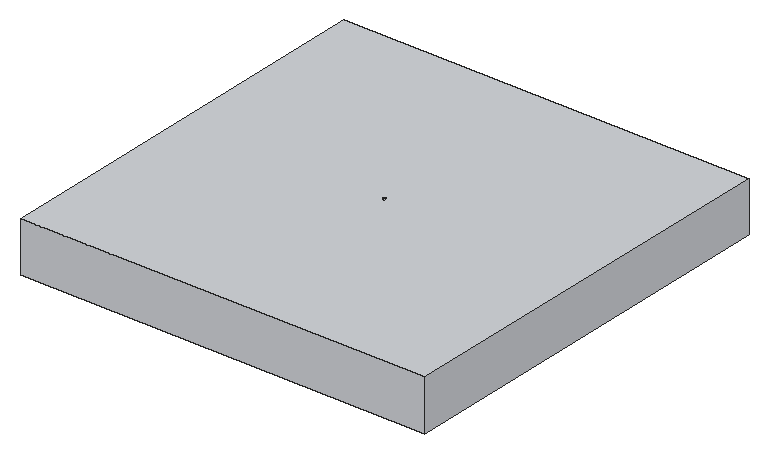
Revit family "CLEVER_GRIFERIA_GRIFO MURAL JARDÍN", category Aparatos sanitarios, Revit 2016
Family settings
  Anfitrión = Cara
  Tipo de pieza = Normal
  Cota de conector redondo = Diámetro de uso
  Número OmniClass = 23.45.05.14.14
  Título OmniClass = Sinks/Lavatories
  Corte con vacíos al cargar = No
  Compartido = No
  Punto de cálculo de habitación = No
Parameters (values of type "Grifos individuales - Grifo mural jardín")
  Versión Revit = "Revit 2016 - Español"  # constant formula
  Versión Familia = "1.0"  # constant formula
  URL = "https://www.griferiaclever.com/referencia/96133"
  Serie = "GRIFOS INDIVIDUALES"  # constant formula
  Referencia Producto = "96133"  # constant formula
  Presión = "1 - 10 bar (MAX. REC. 5 bar)"  # constant formula
  Norma = "-"  # constant formula
  Modelo = "Grifos individuales - Grifo mural jardín"  # constant formula
  Material principal = CLEVER_Latón_Cromado
  Material maneta = CLEVER_Zamak_Cromado
  Material cuerpo = CLEVER_Latón_Cromado
  Marca = "GRIFOS INDIVIDUALES"  # constant formula
  Longitud caño = 82 mm  # constant formula
  Fabricante = "CLEVER"  # constant formula
  Instalación = "Pared"  # constant formula
  IfcExportType = "SINK"  # constant formula
  IfcExportAs = "IfcSanitaryTerminalType"  # constant formula
  Gama = "CLEVER COLECTIVIDADES"  # constant formula
  Fecha de Revisión = "03/2019"  # constant formula
  Estilo = ""  # constant formula
  Default Elevation = 1219.2 mm
  Descripción = "Grifo mural jardin"  # constant formula
  DN (pulgadas) = "1/2''"  # constant formula
  DN = 15 mm  # constant formula
  Código = Referencia Producto  # "96133"
  Creado por = "BIMETRICAL"  # constant formula
  Conexión de ventilación = no
  Conexión de residuos = no
  Conexión = "Macho (1/2'')"  # constant formula
  Certificaciones = "-"  # constant formula
  Caudal AFS CTE = 0.2 L/s
  BIMETRICAL Category = "SanitaryTerminal"  # constant formula
  BIMETRICAL = "http://www.bimetrical.com/"  # constant formula
  Apertura = "Monomando"  # constant formula
  Altura = 100 mm  # constant formula
Reference planes
  plane 1 "Centro (Frontal/Posterior)": y = 0
  plane 2: z = 0
  plane 3 "Centro (Izquierda/Derecha)": x = 0
Forms (mm)
  Extrusion 1, solid
    sketch origin (0, 0, 0) x (1, 0, 0) y (0, 1, 0)
      loop
        line (-1219.2, 1219.2) -> (-1219.2, -1219.2) -> (1219.2, -1219.2) -> (1219.2, 1219.2) -> (-1219.2, 1219.2)
    from 0 to -304.8
  Extrusion 2, solid
    sketch origin (0, 0, 0) x (1, 0, 0) y (0, 1, 0)
      loop
        circle (0, 0) r 7.5
    from 0 to 1
Lines and regions (mm)
  symbolic lines, style "0"
    curve 1: line (-11, -29.254, 0) -> (-5.116, -30.102, 0)
    curve 2: line (6.693, -29.973, 0) -> (11, -29.227, 0)
    curve 3: line (-16.044, 30, 0) -> (-16, 20, 0)
    curve 4: line (16, 20, 0) -> (16.044, 30, 0)
    curve 5: arc (16.044, 30, 0) -> (14.737, 39.077, 0) -> (11.11, 47.5, 0) r 34.894
    curve 6: arc (-11.11, 47.5, 0) -> (-14.737, 39.077, 0) -> (-16.044, 30, 0) r 34.894
    curve 7: line (0, 48.208, 0) -> (-8.607, 47.542, 0)
    curve 8: line (8.606, 47.541, 0) -> (0, 48.208, 0)
    curve 9: line (-2.144, 12.231, 0) -> (-7.979, 9.363, 0)
    curve 10: line (-10.7, -8.018, 0) -> (-1.781, -12.409, 0)
    curve 11: line (8.369, 9.176, 0) -> (2.605, 12.004, 0)
    curve 12: line (1.765, -12.417, 0) -> (10.428, -8.155, 0)
    curve 13: line (12.5, -3.254, 0) -> (13.262, 0.491, 0)
    curve 14: line (9.795, -19.11, 0) -> (8.403, -9.207, 0)
    curve 15: line (-8.404, -9.213, 0) -> (-9.924, -19.638, 0)
    curve 16: line (-13.263, 0.46, 0) -> (-12.5, -3.242, 0)
    curve 17: line (13.27, 0.31, 0) -> (12.657, 14.123, 0)
    curve 18: line (-12.657, 14.126, 0) -> (-13.27, 0.311, 0)
    curve 19: line (0.96, -30.259, 0) -> (-5.116, -30.102, 0)
    curve 20: line (6.537, -29.986, 0) -> (0.96, -30.259, 0)
    curve 21: line (-16, 20, 0) -> (0, 20, 0)
    curve 22: line (0, 20, 0) -> (15.975, 20, 0)
    curve 23: line (1.707, 48.149, 0) -> (1.321, 54.584, 0)
    curve 24: line (-1.344, 54.584, 0) -> (-1.708, 48.133, 0)
    curve 25: arc (-7.712, 6.977, 0) -> (-10.072, -2.59, 0) -> (-3.39, -9.832, 0) r 10.4
    curve 26: line (10.4, 0, 0) -> (-7.712, 6.977, 0)
    curve 27: line (0.002, -10.398, 0) -> (10.4, 0, 0)
    curve 28: line (10.373, -0.751, 0) -> (10.208, -1.945, 0)
    curve 29: arc (-3.39, -9.832, 0) -> (-1.718, -10.257, 0) -> (0.002, -10.398, 0) r 10.337
    curve 30: line (-12.5, -5.574, 0) -> (-11.105, -7.816, 0)
    curve 31: line (-11.105, 7.817, 0) -> (-12.5, 5.574, 0)
    curve 32: line (1.105, 12.743, 0) -> (-1.105, 12.743, 0)
    curve 33: line (12.5, 5.574, 0) -> (11.105, 7.817, 0)
    curve 34: line (11.105, -7.816, 0) -> (12.5, -5.574, 0)
    curve 35: line (0, -13, 0) -> (1.105, -12.742, 0)
    curve 36: line (-1.105, -12.742, 0) -> (0, -13, 0)
    curve 37: line (0, 6.5, 0) -> (0, -6.5, 0)
    curve 38: line (0, -6.5, 0) -> (0, 6.5, 0)
    curve 39: line (-9.924, -19.638, 0) -> (-0.001, -20.666, 0)
    curve 40: line (9.826, -19.221, 0) -> (-0.001, -20.666, 0)
    curve 41: line (-7.1, -29.93, 0) -> (-7.1, -30.97, 0)
    curve 42: line (-7.1, -30.97, 0) -> (-6.75, -34.454, 0)
    curve 43: line (6.749, -34.454, 0) -> (7.1, -30.97, 0)
    curve 44: line (7.1, -30.97, 0) -> (7.1, -29.902, 0)
    curve 45: line (-7.1, -34.444, 0) -> (-7.1, -36.429, 0)
    curve 46: line (-7.1, -36.429, 0) -> (-6.75, -39.913, 0)
    curve 47: line (6.749, -39.913, 0) -> (7.1, -36.429, 0)
    curve 48: line (7.1, -36.429, 0) -> (7.1, -34.444, 0)
    curve 49: line (-7.1, -39.903, 0) -> (-7.1, -41.888, 0)
    curve 50: line (-7.1, -41.888, 0) -> (-6.716, -45.706, 0)
    curve 51: line (-6.716, -45.706, 0) -> (-2.583, -46.122, 0)
    curve 52: line (-2.583, -46.122, 0) -> (-1.747, -46.156, 0)
    curve 53: line (-1.747, -46.156, 0) -> (-0.881, -46.177, 0)
    curve 54: line (-0.881, -46.177, 0) -> (0, -46.184, 0)
    curve 55: line (0, -46.184, 0) -> (0.881, -46.177, 0)
    curve 56: line (0.881, -46.177, 0) -> (1.747, -46.156, 0)
    curve 57: line (1.747, -46.156, 0) -> (2.583, -46.122, 0)
    curve 58: line (2.583, -46.122, 0) -> (6.699, -45.874, 0)
    curve 59: line (6.699, -45.874, 0) -> (7.1, -41.888, 0)
    curve 60: line (7.1, -41.888, 0) -> (7.1, -39.903, 0)
    curve 61: line (-11, -21.015, 0) -> (-11, -29.254, 0)
    curve 62: line (1.321, 54.584, 0) -> (-1.344, 54.584, 0)
    curve 63: line (12.639, 14.539, 0) -> (12.543, 20, 0)
    curve 64: line (-11, -21.015, 0) -> (-7.026, -21.499, 0)
    curve 65: line (-7.026, -21.499, 0) -> (-6.172, -21.583, 0)
    curve 66: line (-6.172, -21.583, 0) -> (-5.25, -21.656, 0)
    curve 67: line (-5.25, -21.656, 0) -> (-4.271, -21.717, 0)
    curve 68: line (-4.271, -21.717, 0) -> (-3.245, -21.765, 0)
    curve 69: line (-3.245, -21.765, 0) -> (-2.183, -21.8, 0)
    curve 70: line (-2.183, -21.8, 0) -> (-1.098, -21.821, 0)
    curve 71: line (-1.098, -21.821, 0) -> (0, -21.828, 0)
    curve 72: line (0, -21.828, 0) -> (1.097, -21.821, 0)
    curve 73: line (1.097, -21.821, 0) -> (2.183, -21.8, 0)
    curve 74: line (2.183, -21.8, 0) -> (3.245, -21.765, 0)
    curve 75: line (3.245, -21.765, 0) -> (4.271, -21.717, 0)
    curve 76: line (4.271, -21.717, 0) -> (5.25, -21.656, 0)
    curve 77: line (5.25, -21.656, 0) -> (6.172, -21.583, 0)
    curve 78: line (6.172, -21.583, 0) -> (7.026, -21.499, 0)
    curve 79: line (7.026, -21.499, 0) -> (11, -21.015, 0)
    curve 80: line (11, -29.227, 0) -> (11, -21.015, 0)
    curve 81: line (-11.11, 47.5, 0) -> (11.11, 47.5, 0)
    curve 82: line (-11.105, -7.816, 0) -> (-1.105, -12.742, 0)
    curve 83: line (-12.5, 5.574, 0) -> (-12.5, -5.574, 0)
    curve 84: line (-1.105, 12.743, 0) -> (-11.105, 7.817, 0)
    curve 85: line (11.105, 7.817, 0) -> (1.105, 12.743, 0)
    curve 86: line (12.5, -5.574, 0) -> (12.5, 5.574, 0)
    curve 87: line (1.105, -12.742, 0) -> (11.105, -7.816, 0)
    curve 88: line (-12.544, 20, 0) -> (-12.639, 14.539, 0)
    curve 89: arc (0, 43.805, 69.527) -> (0, 45.681, 68.624) -> (0, 47.5, 67.61) r 34.894
    curve 90: arc (0, 47.5, 45.39) -> (0, 39.077, 41.763) -> (0, 30, 40.456) r 34.894
    curve 91: line (0, 17.764, 43.798) -> (0, 8.749, 36.141)
    curve 92: line (0, 3.934, 80.878) -> (0, 16.182, 70.195)
    curve 93: line (0, 16.111, 70.214) -> (0, 20, 69.206)
    curve 94: line (0, -30.326, 77.948) -> (0, -27.645, 99.784)
    curve 95: line (0, 27.641, 72.599) -> (0, 20, 72.5)
    curve 96: line (0, 30, 40.456) -> (0, 20, 40.5)
    curve 97: line (0, 20, 40.5) -> (0, 20, 72.5)
    curve 98: line (0, 47.54, 47.854) -> (0, 48.207, 56.5)
    curve 99: line (0, 47.54, 65.146) -> (0, 48.207, 56.5)
    curve 100: line (0, 38.029, 108.385) -> (0, 54.574, 105.555)
    curve 101: line (0, 54.574, 105.555) -> (0, 43.805, 69.527)
    curve 102: line (0, 27.641, 72.599) -> (0, 35.123, 95.603)
    curve 103: line (0, 35.123, 95.603) -> (0, 37.292, 107.032)
    curve 104: line (0, 37.292, 107.032) -> (0, 38.029, 108.385)
    curve 105: line (0, -17.788, 77.666) -> (0, -8.75, 32.093)
    curve 106: line (0, -8.75, 32.093) -> (0, -6.201, 32.098)
    curve 107: line (0, -6.201, 32.098) -> (0, 8.75, 32.094)
    curve 108: line (0, 8.749, 36.23) -> (0, 8.75, 32.091)
    curve 109: line (0, -16.842, 96.816) -> (0, 3.986, 80.791)
    curve 110: line (0, -21.737, 78.151) -> (0, -17.788, 77.666)
    curve 111: line (0, -13, 7) -> (0, -10.567, 11.5)
    curve 112: line (0, -12.743, 6.964) -> (0, -8.004, 6.999)
    curve 113: line (0, -5.574, 7.009) -> (0, -7.816, 6.989)
    curve 114: line (0, -5.574, 7.009) -> (0, -3.12, 6.956)
    curve 115: line (0, -3.12, 6.956) -> (0, 0, 7)
    curve 116: line (0, 0, 7) -> (0, 5.574, 7.076)
    curve 117: line (0, 7.816, 7.042) -> (0, 5.574, 7.076)
    curve 118: line (0, 7.816, 7.042) -> (0, 8.821, 7)
    curve 119: line (0, 8.821, 7) -> (0, 12.743, 6.949)
    curve 120: line (0, 10.567, 11.5) -> (0, 13, 7)
    curve 121: line (0, -7.816, 0) -> (0, -5.574, 0)
    curve 122: line (0, 5.574, 0) -> (0, 7.816, 0)
    curve 123: line (0, -19.326, 97.789) -> (0, -16.842, 96.816)
    curve 124: line (0, 10.567, 11.5) -> (0, 8.75, 16.5)
    curve 125: line (0, -10.567, 11.5) -> (0, -8.75, 16.5)
    curve 126: line (0, -27.645, 99.784) -> (0, -19.208, 98.748)
    curve 127: line (0, -19.208, 98.748) -> (0, -21.889, 76.912)
    curve 128: line (0, -46.185, 84.177) -> (0, -44.539, 97.576)
    curve 129: line (0, -44.539, 97.576) -> (0, -41.023, 97.497)
    curve 130: line (0, -41.023, 97.497) -> (0, -39.038, 97.253)
    curve 131: line (0, -39.038, 97.253) -> (0, -40.768, 83.159)
    curve 132: line (0, -40.768, 83.159) -> (0, -42.753, 83.403)
    curve 133: line (0, -42.753, 83.403) -> (0, -46.185, 84.177)
    curve 134: line (0, -29.85, 81.819) -> (0, -31.835, 82.062)
    curve 135: line (0, -31.835, 82.062) -> (0, -35.267, 82.836)
    curve 136: line (0, -33.621, 96.236) -> (0, -30.105, 96.156)
    curve 137: line (0, -30.105, 96.156) -> (0, -28.12, 95.913)
    curve 138: line (0, -39.08, 96.906) -> (0, -35.564, 96.827)
    curve 139: line (0, -35.564, 96.827) -> (0, -33.579, 96.583)
    curve 140: line (0, -33.579, 96.583) -> (0, -35.309, 82.489)
    curve 141: line (0, -35.309, 82.489) -> (0, -37.294, 82.733)
    curve 142: line (0, -37.294, 82.733) -> (0, -40.726, 83.506)
    curve 143: line (0, -8.75, 16.5) -> (0, -8.725, 32.097)
    curve 144: line (0, 19.704, 43.951) -> (0, 17.764, 43.798)
    curve 145: line (0, 13, 7) -> (0, 13, 0)
    curve 146: line (0, -13, 0) -> (0, -13, 7)
    curve 147: line (0, -41.023, 97.497) -> (0, -42.753, 83.403)
    curve 148: line (0, -30.105, 96.156) -> (0, -31.835, 82.062)
    curve 149: line (0, -35.564, 96.827) -> (0, -37.294, 82.733)
    curve 150: line (0, -30.326, 77.948) -> (0, -21.889, 76.912)
    curve 151: line (0, 47.5, 45.39) -> (0, 47.5, 67.61)
    curve 152: line (0, -5.574, 0) -> (0, 5.574, 0)
    curve 153: line (0, 7.816, 0) -> (0, 12.743, 0)
    curve 154: line (0, -12.743, 0) -> (0, -7.816, 0)
    curve 155: line (0, 8.75, 16.5) -> (0, 8.75, 32.094)
    curve 156: line (-2.824, 0, 72.362) -> (0, 0, 40.358)
    curve 157: line (0, 0, 40.358) -> (2.808, 0, 72.376)
    curve 158: line (12.301, 0, 66.906) -> (11.84, 0, 68.878)
    curve 159: line (-11.834, 0, 68.901) -> (-12.301, 0, 66.931)
    curve 160: line (-10.28, 0, 11.533) -> (-12.5, 0, 7.498)
    curve 161: line (12.5, 0, 7.498) -> (10.28, 0, 11.533)
    curve 162: line (11.821, 0, 68.932) -> (9.333, 0, 85.529)
    curve 163: line (8.762, 0, 32.089) -> (12.205, 0, 45.966)
    curve 164: line (-12.19, 0, 45.962) -> (-8.762, 0, 32.092)
    curve 165: line (-9.282, 0, 85.329) -> (-11.819, 0, 68.935)
    curve 166: line (-8.75, 0, 16.5) -> (-10.28, 0, 11.533)
    curve 167: line (10.28, 0, 11.533) -> (8.75, 0, 16.5)
    curve 168: arc (8.256, 0, 81.39) -> (9.746, 0, 91.701) -> (1.554, 0, 98.137) r 10.407
    curve 169: arc (-1.553, 0, 98.137) -> (-9.75, 0, 91.691) -> (-8.241, 0, 81.372) r 10.406
    curve 170: line (-0.997, 0, 113.369) -> (-2.571, 0, 70.229)
    curve 171: line (2.572, 0, 70.229) -> (0.998, 0, 113.369)
    curve 172: circle (0, 0, 56.5) r 11 normal (0, -1, 0)
    curve 173: line (0, 0, 7) -> (-1.105, 0, 6.949)
    curve 174: line (-1.105, 0, 6.949) -> (-9.066, 0, 7)
    curve 175: line (-9.066, 0, 7) -> (-11.105, 0, 7.042)
    curve 176: line (-11.105, 0, 7.042) -> (-12.5, 0, 7.077)
    curve 177: line (11.105, 0, 7.042) -> (12.5, 0, 7.077)
    curve 178: line (11.105, 0, 7.042) -> (9.067, 0, 7)
    curve 179: line (9.067, 0, 7) -> (1.105, 0, 6.949)
    curve 180: line (0, 0, 7) -> (1.105, 0, 6.949)
    curve 181: line (1.105, 0, 0) -> (-1.105, 0, 0)
    curve 182: line (8.75, 0, 32.09) -> (-3.511, 0, 32.093)
    curve 183: line (-3.511, 0, 32.093) -> (-8.75, 0, 32.093)
    curve 184: line (-11.105, 0, 0) -> (-12.5, 0, 0)
    curve 185: line (12.5, 0, 0) -> (11.105, 0, 0)
    curve 186: line (1.591, 0, 97.123) -> (8.302, 0, 82.544)
    curve 187: line (-8.722, 0, 83.594) -> (-1.591, 0, 97.091)
    curve 188: circle (0, 0, 56.5) r 8.9 normal (0, -1, 0)
    curve 189: line (0.998, 0, 113.369) -> (-0.997, 0, 113.369)
    curve 190: line (-12.5, 0, 0) -> (-12.5, 0, 7.498)
    curve 191: line (12.5, 0, 7.498) -> (12.5, 0, 0)
    curve 192: line (-8.75, 0, 32.093) -> (-8.75, 0, 16.5)
    curve 193: line (8.75, 0, 16.5) -> (8.75, 0, 32.09)
    curve 194: line (11.105, 0, 0) -> (1.105, 0, 0)
    curve 195: line (-1.105, 0, 0) -> (-11.105, 0, 0)
Dimensions and locks
  aligned and locked: plane 2 to Extrusion 1
  aligned and locked: level to Extrusion 1
Connectors
  piping at (0, 0, 0), diameter 15, driven by "Caudal AFS CTE", driven by "DN"
    settings: on Extrusion 2, index 1, connector inside diameter 609.6 mm, connector length 0 mm, flow factor 0, pipe flow 0.2 L/s, pressure drop 0.0 Pa, fitting loss kfactor 0, connector angle 0.00°, fixture units 0, engagement length 0 mm, angle of deflection 0.00°, flow configuration 1, flow direction 1, fitting loss method 0, system type 20, joint type 0, gender type 0, connector reference index -1, connector utility 0, adjustable connector no, is connector primary yes, connector description "Grifo ACS"
